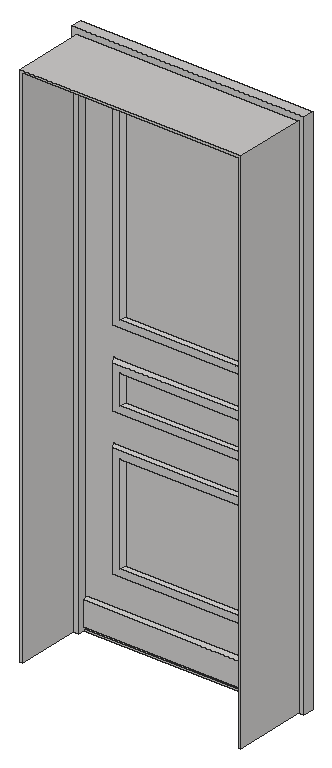
Revit family "Doorset_Porte palière blindée destinée au projet de réhabilitation BELLECOUR_ASSA ABLOY FR_Hardware Light01", category Doors, host Wall, Revit 2015 (continued)
Automatic sketch dimensions
  Masking region 9 sketch curve to Masking region 9 sketch curve = 22.064 mm
  Masking region 9 sketch curve to Masking region 9 sketch curve = 4.504 mm
  Masking region 9 sketch curve to Masking region 9 sketch curve = 1.455 mm
  Masking region 9 sketch curve to Masking region 9 sketch curve = 0.195 mm
  Masking region 9 sketch curve to Masking region 9 sketch curve = 26.926 mm
  Masking region 9 sketch curve to Masking region 9 sketch curve = 13.595 mm
  Masking region 9 sketch curve to Masking region 9 sketch curve = 0.826 mm
  Masking region 9 sketch curve to Masking region 9 sketch curve = 0 mm  (x3)
  Masking region 8 sketch curve to Masking region 8 sketch curve = 36.2 mm
  Masking region 9 sketch curve to Masking region 9 sketch curve = 1.197 mm
  Masking region 9 sketch curve to Masking region 9 sketch curve = 36.2 mm
  Masking region 9 sketch curve to Masking region 9 sketch curve = 72.433 mm
  Masking region 9 sketch curve to Masking region 9 sketch curve = 3.081 mm
  Masking region 10 sketch curve to Masking region 10 sketch curve = 1.46 mm
  Masking region 10 sketch curve to Masking region 10 sketch curve = 1.452 mm
  Masking region 10 sketch curve to Masking region 10 sketch curve = 5.944 mm  (x2)
  Masking region 10 sketch curve to Masking region 10 sketch curve = 1.197 mm
  Masking region 10 sketch curve to Masking region 10 sketch curve = 5.679 mm
  Masking region 10 sketch curve to Masking region 10 sketch curve = 11.644 mm
  Masking region 10 sketch curve to Masking region 10 sketch curve = 22.064 mm
  Masking region 10 sketch curve to Masking region 10 sketch curve = 4.504 mm
  Masking region 10 sketch curve to Masking region 10 sketch curve = 1.484 mm
  Masking region 10 sketch curve to Masking region 10 sketch curve = 1.455 mm
  Masking region 10 sketch curve to Masking region 10 sketch curve = 0.195 mm
  Masking region 10 sketch curve to Masking region 10 sketch curve = 72.433 mm
  Masking region 10 sketch curve to Masking region 10 sketch curve = 13.331 mm
  Masking region 10 sketch curve to Masking region 10 sketch curve = 13.595 mm
  Masking region 10 sketch curve to Masking region 10 sketch curve = 3.081 mm
  Masking region 10 sketch curve to Masking region 10 sketch curve = 0.826 mm
  Masking region 10 sketch curve to Masking region 10 sketch curve = 25.15 mm
  Masking region 10 sketch curve to Masking region 10 sketch curve = 299.578 mm
  Masking region 10 sketch curve to Masking region 10 sketch curve = 7.993 mm
  Masking region 10 sketch curve to Masking region 10 sketch curve = 8.026 mm
  Masking region 10 sketch curve to Masking region 10 sketch curve = 0.262 mm
  Masking region 10 sketch curve to Masking region 10 sketch curve = 1.1 mm
  Masking region 10 sketch curve to Masking region 10 sketch curve = 18.915 mm
  Masking region 10 sketch curve to Masking region 10 sketch curve = 22.836 mm
  Masking region 10 sketch curve to Masking region 10 sketch curve = 24.041 mm
  Masking region 10 sketch curve to Masking region 10 sketch curve = 19.872 mm
  Masking region 10 sketch curve to Masking region 10 sketch curve = 6.339 mm
  Masking region 10 sketch curve to Masking region 10 sketch curve = 21.969 mm
  Masking region 10 sketch curve to Masking region 10 sketch curve = 8.377 mm
  Masking region 10 sketch curve to Masking region 10 sketch curve = 0.385 mm
  Masking region 10 sketch curve to Masking region 10 sketch curve = 0 mm  (x3)
  Masking region 11 sketch curve to Masking region 11 sketch curve = 25.15 mm
  Masking region 11 sketch curve to Masking region 11 sketch curve = 299.578 mm
  Masking region 11 sketch curve to Masking region 11 sketch curve = 7.993 mm
  Masking region 11 sketch curve to Masking region 11 sketch curve = 8.026 mm
  Masking region 11 sketch curve to Masking region 11 sketch curve = 0.262 mm
  Masking region 11 sketch curve to Masking region 11 sketch curve = 0.256 mm
  Masking region 11 sketch curve to Masking region 11 sketch curve = 1.507 mm
  Masking region 11 sketch curve to Masking region 11 sketch curve = 1.1 mm
  Masking region 11 sketch curve to Masking region 11 sketch curve = 18.915 mm
  Masking region 11 sketch curve to Masking region 11 sketch curve = 22.836 mm
  Masking region 11 sketch curve to Masking region 11 sketch curve = 24.041 mm
  Masking region 11 sketch curve to Masking region 11 sketch curve = 19.872 mm
  Masking region 11 sketch curve to Masking region 11 sketch curve = 6.339 mm
  Masking region 11 sketch curve to Masking region 11 sketch curve = 21.969 mm
  Masking region 11 sketch curve to Masking region 11 sketch curve = 8.377 mm
  Masking region 11 sketch curve to Masking region 11 sketch curve = 0.385 mm
  Masking region 11 sketch curve to Masking region 11 sketch curve = 1.46 mm
  Masking region 11 sketch curve to Masking region 11 sketch curve = 5.944 mm  (x2)
  Masking region 11 sketch curve to Masking region 11 sketch curve = 5.679 mm
  Masking region 11 sketch curve to Masking region 11 sketch curve = 11.644 mm
  Masking region 11 sketch curve to Masking region 11 sketch curve = 22.064 mm
  Masking region 11 sketch curve to Masking region 11 sketch curve = 4.504 mm
  Masking region 11 sketch curve to Masking region 11 sketch curve = 1.455 mm
  Masking region 11 sketch curve to Masking region 11 sketch curve = 0.195 mm
  Masking region 11 sketch curve to Masking region 11 sketch curve = 26.926 mm
  Masking region 11 sketch curve to Masking region 11 sketch curve = 13.595 mm
  Masking region 11 sketch curve to Masking region 11 sketch curve = 0.826 mm
  Masking region 11 sketch curve to Masking region 11 sketch curve = 0 mm  (x3)
  Masking region 10 sketch curve to Masking region 10 sketch curve = 36.2 mm
  Masking region 11 sketch curve to Masking region 11 sketch curve = 1.197 mm
  Masking region 11 sketch curve to Masking region 11 sketch curve = 36.2 mm
  Masking region 11 sketch curve to Masking region 11 sketch curve = 72.433 mm
  Masking region 11 sketch curve to Masking region 11 sketch curve = 3.081 mm
  Masking region 12 sketch curve to Masking region 12 sketch curve = 1.574 mm  (x2)
  Masking region 12 sketch curve to Masking region 12 sketch curve = 1.96 mm  (x2)
  Masking region 12 sketch curve to Masking region 12 sketch curve = 0.448 mm  (x2)
  Masking region 12 sketch curve to Masking region 12 sketch curve = 1.455 mm  (x2)
  Masking region 12 sketch curve to Masking region 12 sketch curve = 1.216 mm  (x2)
  Masking region 12 sketch curve to Masking region 12 sketch curve = 1.042 mm  (x2)
  Masking region 12 sketch curve to Masking region 12 sketch curve = 94.197 mm
  Masking region 12 sketch curve to Masking region 12 sketch curve = 38.692 mm
  Masking region 12 sketch curve to Masking region 12 sketch curve = 39.154 mm
  Masking region 12 sketch curve to Masking region 12 sketch curve = 1.116 mm  (x2)
  Masking region 12 sketch curve to Masking region 12 sketch curve = 1.146 mm  (x2)
  Masking region 12 sketch curve to Masking region 12 sketch curve = 1.671 mm  (x2)
  Masking region 12 sketch curve to Masking region 12 sketch curve = 3.993 mm
  Masking region 14 sketch curve to Masking region 14 sketch curve = 1.574 mm  (x2)
  Masking region 14 sketch curve to Masking region 14 sketch curve = 1.96 mm  (x2)
  Masking region 14 sketch curve to Masking region 14 sketch curve = 0.448 mm  (x2)
  Masking region 14 sketch curve to Masking region 14 sketch curve = 1.455 mm  (x2)
  Masking region 14 sketch curve to Masking region 14 sketch curve = 1.216 mm  (x2)
  Masking region 14 sketch curve to Masking region 14 sketch curve = 1.042 mm  (x2)
  Masking region 14 sketch curve to Masking region 14 sketch curve = 94.197 mm
  Masking region 14 sketch curve to Masking region 14 sketch curve = 38.692 mm
  Masking region 14 sketch curve to Masking region 14 sketch curve = 39.154 mm
  Masking region 14 sketch curve to Masking region 14 sketch curve = 1.116 mm  (x2)
  Masking region 14 sketch curve to Masking region 14 sketch curve = 1.146 mm  (x2)
  Masking region 14 sketch curve to Masking region 14 sketch curve = 1.671 mm  (x2)
  Masking region 14 sketch curve to Masking region 14 sketch curve = 3.993 mm
  Masking region 15 sketch curve to Masking region 15 sketch curve = 2.521 mm
  Masking region 15 sketch curve to Masking region 15 sketch curve = 0.707 mm  (x2)
  Masking region 15 sketch curve to Masking region 15 sketch curve = 7.256 mm
  Masking region 15 sketch curve to Masking region 15 sketch curve = 11.718 mm  (x2)
  Masking region 15 sketch curve to Masking region 15 sketch curve = 8.49 mm  (x2)
  Masking region 15 sketch curve to Masking region 15 sketch curve = 3.883 mm
  Masking region 15 sketch curve to Masking region 15 sketch curve = 0 mm  (x3)
  Masking region 15 sketch curve to Masking region 15 sketch curve = 7.727 mm  (x2)
  Masking region 15 sketch curve to Masking region 15 sketch curve = 1.117 mm  (x2)
  Masking region 15 sketch curve to Masking region 15 sketch curve = 0.389 mm
  Masking region 15 sketch curve to Masking region 15 sketch curve = 38.804 mm
  Masking region 15 sketch curve to Masking region 15 sketch curve = 3.836 mm
  Masking region 13 sketch curve to Masking region 13 sketch curve = 2.521 mm
  Masking region 13 sketch curve to Masking region 13 sketch curve = 0.707 mm  (x2)
  Masking region 13 sketch curve to Masking region 13 sketch curve = 7.256 mm
  Masking region 13 sketch curve to Masking region 13 sketch curve = 11.718 mm  (x2)
  Masking region 13 sketch curve to Masking region 13 sketch curve = 8.49 mm  (x2)
  Masking region 13 sketch curve to Masking region 13 sketch curve = 3.883 mm
  Masking region 13 sketch curve to Masking region 13 sketch curve = 0 mm  (x3)
  Masking region 13 sketch curve to Masking region 13 sketch curve = 7.727 mm  (x2)
  Masking region 13 sketch curve to Masking region 13 sketch curve = 1.117 mm  (x2)
  Masking region 13 sketch curve to Masking region 13 sketch curve = 0.389 mm
  Masking region 13 sketch curve to Masking region 13 sketch curve = 38.804 mm
  Masking region 13 sketch curve to Masking region 13 sketch curve = 3.836 mm
  curve 41 to curve 30 = 0 mm
  curve 44 to curve 43 = 2.845 mm
  curve 30 to curve 32 = 2.845 mm
  curve 32 to curve 30 = 1.961 mm
  curve 43 to curve 46 = 1.961 mm
  curve 32 to curve 31 = 6.519 mm
  curve 43 to curve 42 = 6.519 mm
  curve 33 to curve 29 = 9.409 mm
  curve 44 to curve 40 = 9.409 mm
  curve 42 to curve 47 = 4.648 mm
  curve 31 to curve 36 = 4.648 mm
  curve 29 to curve 33 = 3.385 mm
  curve 40 to curve 44 = 3.385 mm
  curve 44 to curve 39 = 1.332 mm
  curve 33 to curve 28 = 1.332 mm
  curve 29 to curve 28 = 41.821 mm
  curve 32 to curve 30 = 0.061 mm
  curve 33 to curve 31 = 1.106 mm
  curve 30 to curve 32 = 2.822 mm
  curve 32 to curve 33 = 3.892 mm
  curve 32 to curve 30 = 5.847 mm
  curve 30 to curve 41 = 139.175 mm
  curve 40 to curve 44 = 4.838 mm
  curve 40 to curve 43 = 5.847 mm
  curve 43 to curve 42 = 1.716 mm
  curve 43 to curve 41 = 2.822 mm
  curve 44 to curve 39 = 3.892 mm
  curve 39 to curve 40 = 41.821 mm
  curve 49 to curve 48 = 18.616 mm
  curve 38 to curve 37 = 18.616 mm
  curve 33 to curve 33 = 4.894 mm
  curve 44 to curve 42 = 4.894 mm
  curve 44 to curve 46 = 1.82 mm
  curve 33 to curve 35 = 1.82 mm
  curve 34 to curve 32 = 1.702 mm
  curve 45 to curve 43 = 1.702 mm
  curve 48 to curve 47 = 9.071 mm
  curve 37 to curve 36 = 9.071 mm
  curve 47 to curve 49 = 18.73 mm
  curve 36 to curve 38 = 18.73 mm
  curve 28 to curve 36 = 28.037 mm
  curve 37 to curve 36 = 0 mm
  curve 37 to curve 38 = 5.342 mm
  curve 49 to curve 41 = 33.379 mm
  curve 49 to curve 47 = 5.342 mm
  curve 48 to curve 47 = 0 mm
  Masking region 16 sketch curve to Masking region 16 sketch curve = 1.042 mm  (x2)
  Masking region 16 sketch curve to Masking region 16 sketch curve = 1.574 mm  (x2)
  Masking region 16 sketch curve to Masking region 16 sketch curve = 94.197 mm
  Masking region 16 sketch curve to Masking region 16 sketch curve = 1.96 mm  (x2)
  Masking region 16 sketch curve to Masking region 16 sketch curve = 0.448 mm  (x2)
  Masking region 16 sketch curve to Masking region 16 sketch curve = 1.455 mm  (x2)
  Masking region 16 sketch curve to Masking region 16 sketch curve = 38.692 mm
  Masking region 16 sketch curve to Masking region 16 sketch curve = 39.154 mm
  Masking region 16 sketch curve to Masking region 16 sketch curve = 3.582 mm  (x2)
  Masking region 16 sketch curve to Masking region 16 sketch curve = 0.411 mm  (x2)
  Masking region 16 sketch curve to Masking region 16 sketch curve = 1.504 mm  (x2)
  Masking region 16 sketch curve to Masking region 16 sketch curve = 1.281 mm  (x2)
  Masking region 16 sketch curve to Masking region 16 sketch curve = 0.39 mm
  Masking region 17 sketch curve to Masking region 17 sketch curve = 2.521 mm
  Masking region 17 sketch curve to Masking region 17 sketch curve = 0.707 mm  (x2)
  Masking region 17 sketch curve to Masking region 17 sketch curve = 7.256 mm
  Masking region 17 sketch curve to Masking region 17 sketch curve = 11.718 mm  (x2)
  Masking region 17 sketch curve to Masking region 17 sketch curve = 8.49 mm  (x2)
  Masking region 17 sketch curve to Masking region 17 sketch curve = 3.883 mm
  Masking region 17 sketch curve to Masking region 17 sketch curve = 38.414 mm
  Masking region 17 sketch curve to Masking region 17 sketch curve = 0.389 mm  (x2)
  Masking region 17 sketch curve to Masking region 17 sketch curve = 1.117 mm  (x2)
  Masking region 17 sketch curve to Masking region 17 sketch curve = 9.233 mm
  Masking region 17 sketch curve to Masking region 17 sketch curve = 0 mm  (x3)
  Masking region 17 sketch curve to Masking region 17 sketch curve = 3.836 mm
  curve 52 to curve 19 = 0 mm
  curve 55 to curve 54 = 2.845 mm
  curve 19 to curve 21 = 2.845 mm
  curve 21 to curve 19 = 1.961 mm
  curve 54 to curve 57 = 1.961 mm
  curve 21 to curve 20 = 6.519 mm
  curve 54 to curve 53 = 6.519 mm
  curve 22 to curve 18 = 9.409 mm
  curve 55 to curve 51 = 9.409 mm
  curve 53 to curve 58 = 4.648 mm
  curve 20 to curve 25 = 4.648 mm
  curve 18 to curve 22 = 3.385 mm
  curve 51 to curve 55 = 3.385 mm
  curve 55 to curve 50 = 1.332 mm
  curve 22 to curve 17 = 1.332 mm
  curve 18 to curve 17 = 41.821 mm
  curve 21 to curve 19 = 0.061 mm
  curve 22 to curve 20 = 1.106 mm
  curve 19 to curve 21 = 2.822 mm
  curve 21 to curve 22 = 3.892 mm
  curve 21 to curve 19 = 5.847 mm
  curve 19 to curve 52 = 139.175 mm
  curve 51 to curve 55 = 4.838 mm
  curve 51 to curve 54 = 5.847 mm
  curve 54 to curve 53 = 1.716 mm
  curve 54 to curve 52 = 2.822 mm
  curve 55 to curve 50 = 3.892 mm
  curve 50 to curve 51 = 41.821 mm
  curve 60 to curve 59 = 18.616 mm
  curve 27 to curve 26 = 18.616 mm
  curve 22 to curve 22 = 4.894 mm
  curve 55 to curve 53 = 4.894 mm
  curve 55 to curve 57 = 1.82 mm
  curve 22 to curve 24 = 1.82 mm
  curve 23 to curve 21 = 1.702 mm
  curve 56 to curve 54 = 1.702 mm
  curve 59 to curve 58 = 9.071 mm
  curve 26 to curve 25 = 9.071 mm
  curve 58 to curve 60 = 18.73 mm
  curve 25 to curve 27 = 18.73 mm
  curve 17 to curve 25 = 28.037 mm
  curve 26 to curve 25 = 0 mm
  curve 26 to curve 27 = 5.342 mm
  curve 60 to curve 52 = 33.379 mm
  curve 60 to curve 58 = 5.342 mm
  curve 59 to curve 58 = 0 mm
  curve 11 to plane 47 = 0 mm
  curve 16 to curve 15 = 2.808 mm
  curve 6 to host wall = 0 mm
  plane 19 to curve 8 = 0 mm
  curve 8 to plane 37 "Handle ref" = 0 mm
  curve 8 to plane 38 = 0 mm
  curve 2 to level = 0 mm
  plane 3 "Exterior" to Sweep 1 sketch curve = 0 mm
  Sweep 1 sketch curve to profile plane = 0 mm
  Sweep 1 sketch curve to Sweep 1 sketch curve = 44.7 mm
  plane 3 "Exterior" to Sweep 1 sketch curve = 35 mm
  Sweep 1 sketch curve to Sweep 1 sketch curve = 24 mm
  Sweep 1 sketch curve to profile plane = 34 mm
  Sweep 2 sketch curve to plane 3 "Exterior" = 58.5 mm
  Sweep 2 sketch curve to Sweep 2 sketch curve = 13.8 mm  (x2)
  Sweep 2 sketch curve to Sweep 2 sketch curve = 15 mm
  plane 3 "Exterior" to Sweep 2 sketch curve = 3.5 mm
  Extrusion 3 sketch curve to plane 37 "Handle ref" = 0 mm
  Sweep 4 sketch curve to profile plane = 0 mm  (x2)
  Sweep 4 sketch curve to profile plane = 9.238 mm  (x2)
  Sweep 4 sketch curve to Sweep 4 sketch curve = 16 mm
  plane 20 to Sweep 4 sketch curve = 16 mm
  Sweep 4 sketch curve to Sweep 4 sketch curve = 29.525 mm  (x2)
  Sweep 4 sketch curve to Sweep 4 sketch curve = 9.238 mm  (x2)
  Sweep 5 sketch curve to profile plane = 0 mm  (x2)
  Sweep 5 sketch curve to profile plane = 9.238 mm  (x2)
  Sweep 5 sketch curve to Sweep 5 sketch curve = 16 mm
  plane 20 to Sweep 5 sketch curve = 16 mm
  Sweep 5 sketch curve to Sweep 5 sketch curve = 29.525 mm  (x2)
  Sweep 5 sketch curve to Sweep 5 sketch curve = 9.238 mm  (x2)
  Sweep 6 sketch curve to profile plane = 0 mm  (x2)
  Sweep 6 sketch curve to profile plane = 9.238 mm  (x2)
  Sweep 6 sketch curve to Sweep 6 sketch curve = 16 mm
  plane 20 to Sweep 6 sketch curve = 16 mm
  Sweep 6 sketch curve to Sweep 6 sketch curve = 29.525 mm  (x2)
  Sweep 6 sketch curve to Sweep 6 sketch curve = 9.238 mm  (x2)
  Sweep 7 sketch curve to plane 43 = 0 mm
  profile plane to Sweep 7 sketch curve = 0 mm
  Sweep 7 sketch curve to profile plane = 100 mm
  Sweep 7 sketch curve to Sweep 7 sketch curve = 7.279 mm
  Sweep 7 sketch curve to plane 20 = 82 mm
  Sweep 7 sketch curve to Sweep 7 sketch curve = 20 mm
  Masking region 2 sketch curve to plane 22 = 0 mm
  Masking region 2 sketch curve to plane 17 = 0 mm
  Masking region 2 sketch curve to plane 18 = 0 mm
  Masking region 2 sketch curve to plane 23 = 0 mm
  Masking region 2 sketch curve to plane 33 = 0 mm  (x2)
  plane 19 to Masking region 2 sketch curve = 0 mm  (x2)
  profile plane to Sweep 8 sketch curve = 0 mm
  Sweep 8 sketch curve to plane 19 = 0 mm
  Sweep 8 sketch curve to profile plane = 7 mm
  Sweep 8 sketch curve to profile plane = 11.808 mm
  plane 19 to Sweep 8 sketch curve = 11.3 mm
  Sweep 8 sketch curve to Sweep 8 sketch curve = 42.2 mm
  Masking region 3 sketch curve to host wall = 0 mm
  Masking region 4 sketch curve to plane 18 = 0 mm
  Masking region 6 sketch curve to plane 33 = 0 mm
  Masking region 6 sketch curve to level = 0 mm
  Masking region 6 sketch curve to plane 19 = 0 mm  (x2)
  Masking region 6 sketch curve to plane 20 = 0 mm
  plane 19 to Masking region 7 sketch curve = 0 mm
  plane 8 to Masking region 7 sketch curve = 7 mm
  curve 138 to curve 133 = 8.469 mm
  curve 117 to curve 122 = 1.7 mm
  curve 140 to curve 116 = 1.7 mm
  curve 138 to curve 119 = 8.87 mm
  curve 122 to curve 120 = 0.018 mm
  curve 122 to curve 121 = 57.295 mm
  curve 121 to curve 123 = 11.435 mm
  curve 123 to curve 141 = 28.522 mm
  curve 119 to curve 126 = 6.978 mm
  curve 126 to curve 127 = 0.8 mm
  curve 127 to curve 138 = 10.465 mm
  curve 133 to curve 125 = 1.6 mm
  curve 133 to curve 132 = 0.8 mm
  curve 125 to curve 115 = 4.787 mm
  curve 125 to curve 119 = 6.753 mm
  curve 115 to curve 148 = 30.488 mm
  curve 124 to curve 148 = 0 mm
  curve 148 to curve 118 = 12.789 mm
  curve 124 to curve 140 = 12.807 mm
  curve 127 to curve 128 = 0 mm
  curve 133 to curve 134 = 0 mm
  curve 117 to curve 129 = 4.338 mm
  curve 140 to curve 135 = 4.338 mm
  curve 134 to curve 135 = 0.532 mm
  curve 128 to curve 129 = 0.532 mm
  curve 116 to curve 116 = 0.088 mm
  curve 121 to curve 122 = 0 mm
  curve 129 to curve 148 = 36.215 mm
  curve 135 to curve 140 = 36.215 mm
  curve 136 to curve 135 = 33.143 mm
  curve 130 to curve 136 = 0 mm
  curve 136 to curve 136 = 12.96 mm
  curve 129 to curve 130 = 12.96 mm
  curve 130 to curve 130 = 1.995 mm
  curve 136 to curve 136 = 1.995 mm
  curve 137 to curve 130 = 10.932 mm
  curve 137 to curve 131 = 0 mm
  curve 130 to curve 131 = 4.207 mm
  curve 137 to curve 137 = 4.207 mm
  curve 137 to curve 137 = 4.364 mm
  curve 119 to curve 129 = 286.565 mm
  curve 129 to curve 135 = 0 mm
  curve 122 to curve 137 = 48.455 mm
  curve 129 to curve 119 = 33.381 mm
  curve 127 to curve 128 = 0.001 mm
  curve 130 to curve 131 = 0.307 mm
  curve 131 to curve 131 = 0.655 mm
  curve 131 to curve 131 = 2.102 mm
  curve 131 to curve 137 = 13.136 mm
  curve 130 to curve 136 = 15.648 mm
  curve 137 to curve 137 = 2.102 mm
  curve 140 to curve 134 = 0.545 mm
  curve 137 to curve 117 = 93.25 mm
  curve 140 to curve 138 = 0.401 mm
  curve 129 to curve 127 = 4.531 mm
  curve 125 to curve 115 = 11.561 mm
  curve 148 to curve 121 = 20.431 mm
  curve 116 to curve 124 = 18.795 mm
  curve 121 to curve 123 = 0.064 mm
  curve 124 to curve 148 = 0.049 mm
  curve 115 to curve 125 = 11.699 mm
  curve 126 to curve 125 = 0 mm
  curve 118 to curve 118 = 1.662 mm
  curve 120 to curve 141 = 1.662 mm
  curve 124 to curve 126 = 11.611 mm
  curve 84 to curve 79 = 8.469 mm
  curve 63 to curve 68 = 1.7 mm
  curve 86 to curve 62 = 1.7 mm
  curve 84 to curve 65 = 8.87 mm
  curve 68 to curve 66 = 0.018 mm
  curve 68 to curve 67 = 57.295 mm
  curve 67 to curve 69 = 11.435 mm
  curve 69 to curve 87 = 28.522 mm
  curve 65 to curve 72 = 6.978 mm
  curve 72 to curve 73 = 0.8 mm
  curve 73 to curve 84 = 10.465 mm
  curve 79 to curve 71 = 1.6 mm
  curve 79 to curve 78 = 0.8 mm
  curve 71 to curve 61 = 4.787 mm
  curve 71 to curve 65 = 6.753 mm
  curve 61 to curve 149 = 30.488 mm
  curve 70 to curve 149 = 0 mm
  curve 149 to curve 64 = 12.789 mm
  curve 70 to curve 86 = 12.807 mm
  curve 73 to curve 74 = 0 mm
  curve 79 to curve 80 = 0 mm
  curve 63 to curve 75 = 4.338 mm
  curve 86 to curve 81 = 4.338 mm
  curve 80 to curve 81 = 0.532 mm
  curve 74 to curve 75 = 0.532 mm
  curve 62 to curve 62 = 0.088 mm
  curve 67 to curve 68 = 0 mm
  curve 75 to curve 149 = 36.215 mm
  curve 81 to curve 86 = 36.215 mm
  curve 82 to curve 81 = 33.143 mm
  curve 76 to curve 82 = 0 mm
  curve 82 to curve 82 = 12.96 mm
  curve 75 to curve 76 = 12.96 mm
  curve 76 to curve 76 = 1.995 mm
  curve 82 to curve 82 = 1.995 mm
  curve 83 to curve 76 = 10.932 mm
  curve 83 to curve 77 = 0 mm
  curve 76 to curve 77 = 4.207 mm
  curve 83 to curve 83 = 4.207 mm
  curve 83 to curve 83 = 4.364 mm
  curve 65 to curve 75 = 286.565 mm
  curve 75 to curve 81 = 0 mm
  curve 68 to curve 83 = 48.455 mm
  curve 75 to curve 65 = 33.381 mm
  curve 73 to curve 74 = 0.001 mm
  curve 76 to curve 77 = 0.307 mm
  curve 77 to curve 77 = 0.655 mm
  curve 77 to curve 77 = 2.102 mm
  curve 77 to curve 83 = 13.136 mm
  curve 76 to curve 82 = 15.648 mm
  curve 83 to curve 83 = 2.102 mm
  curve 86 to curve 80 = 0.545 mm
  curve 83 to curve 63 = 93.25 mm
  curve 86 to curve 84 = 0.401 mm
  curve 75 to curve 73 = 4.531 mm
  curve 71 to curve 61 = 11.561 mm
  curve 149 to curve 67 = 20.431 mm
  curve 62 to curve 70 = 18.795 mm
  curve 67 to curve 69 = 0.064 mm
  curve 70 to curve 149 = 0.049 mm
  curve 61 to curve 71 = 11.699 mm
  curve 72 to curve 71 = 0 mm
  curve 64 to curve 64 = 1.662 mm
  curve 66 to curve 87 = 1.662 mm
  curve 70 to curve 72 = 11.611 mm
  curve 111 to curve 106 = 8.469 mm
  curve 90 to curve 95 = 1.7 mm
  curve 113 to curve 89 = 1.7 mm
  curve 111 to curve 92 = 8.87 mm
  curve 95 to curve 93 = 0.018 mm
  curve 95 to curve 94 = 57.295 mm
  curve 94 to curve 96 = 11.435 mm
  curve 96 to curve 114 = 28.522 mm
  curve 92 to curve 99 = 6.978 mm
  curve 99 to curve 100 = 0.8 mm
  curve 100 to curve 111 = 10.465 mm
  curve 106 to curve 98 = 1.6 mm
  curve 106 to curve 105 = 0.8 mm
  curve 98 to curve 88 = 4.787 mm
  curve 98 to curve 92 = 6.753 mm
  curve 88 to curve 150 = 30.488 mm
  curve 97 to curve 150 = 0 mm
  curve 150 to curve 91 = 12.789 mm
  curve 97 to curve 113 = 12.807 mm
  curve 100 to curve 101 = 0 mm
  curve 106 to curve 107 = 0 mm
  curve 90 to curve 102 = 4.338 mm
  curve 113 to curve 108 = 4.338 mm
  curve 107 to curve 108 = 0.532 mm
  curve 101 to curve 102 = 0.532 mm
  curve 89 to curve 89 = 0.088 mm
  curve 94 to curve 95 = 0 mm
  curve 102 to curve 150 = 36.215 mm
  curve 108 to curve 113 = 36.215 mm
  curve 109 to curve 108 = 33.143 mm
  curve 103 to curve 109 = 0 mm
  curve 109 to curve 109 = 12.96 mm
  curve 102 to curve 103 = 12.96 mm
  curve 103 to curve 103 = 1.995 mm
  curve 109 to curve 109 = 1.995 mm
  curve 110 to curve 103 = 10.932 mm
  curve 110 to curve 104 = 0 mm
  curve 103 to curve 104 = 4.207 mm
  curve 110 to curve 110 = 4.207 mm
  curve 110 to curve 110 = 4.364 mm
  curve 92 to curve 102 = 286.565 mm
  curve 102 to curve 108 = 0 mm
  curve 95 to curve 110 = 48.455 mm
  curve 102 to curve 92 = 33.381 mm
  curve 100 to curve 101 = 0.001 mm
  curve 103 to curve 104 = 0.307 mm
  curve 104 to curve 104 = 0.655 mm
  curve 104 to curve 104 = 2.102 mm
  curve 104 to curve 110 = 13.136 mm
  curve 103 to curve 109 = 15.648 mm
  curve 110 to curve 110 = 2.102 mm
  curve 113 to curve 107 = 0.545 mm
  curve 110 to curve 90 = 93.25 mm
  curve 113 to curve 111 = 0.401 mm
  curve 102 to curve 100 = 4.531 mm
  curve 98 to curve 88 = 11.561 mm
  curve 150 to curve 94 = 20.431 mm
  curve 89 to curve 97 = 18.795 mm
  curve 94 to curve 96 = 0.064 mm
  curve 97 to curve 150 = 0.049 mm
  curve 88 to curve 98 = 11.699 mm
  curve 99 to curve 98 = 0 mm
  curve 91 to curve 91 = 1.662 mm
  curve 93 to curve 114 = 1.662 mm
  curve 97 to curve 99 = 11.611 mm
  curve 145 to curve 83 = 6.568 mm
  curve 147 to curve 110 = 6.568 mm
  curve 143 to curve 137 = 6.568 mm
